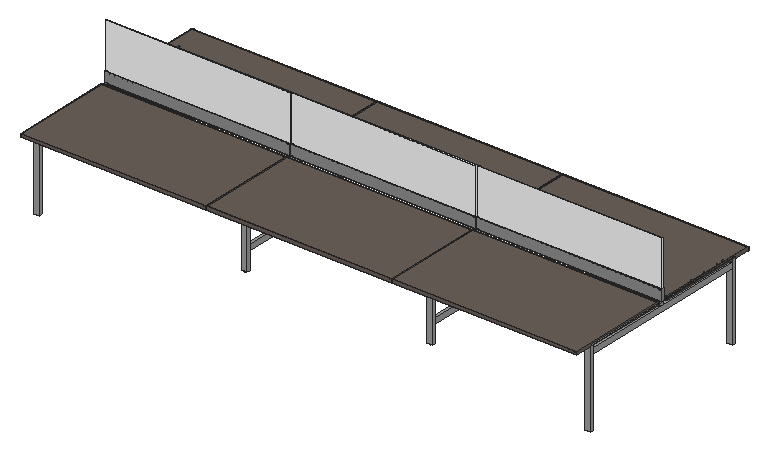
Revit family "QSSTAKSB01", category Furniture, Revit 2015
Reference planes (in)
  plane 1 "Center Front/Back": y = 0
  plane 2: z = 0
  plane 3 "Center Left/Right": x = 0
Dimensions and locks (in)
  aligned and locked: level to plane 2
Nested families (in)
  nested 1: "FIRST OFFICE-STAKS-WORKSURFACE-RECTANGULAR LONG-GRAIN" at (-56.78683, 1.83365, 0), type "FIRST OFFICE-STAKS-WORKSURFACE-RECTANGULAR LG 66 X 36"
  nested 2: "FIRST OFFICE-STAKS-WORKSURFACE-RECTANGULAR LONG-GRAIN" at (9.21317, 1.83365, 0), type "FIRST OFFICE-STAKS-WORKSURFACE-RECTANGULAR LG 66 X 36"
  nested 3: "FIRST OFFICE-STAKS-WORKSURFACE-RECTANGULAR LONG-GRAIN" at (75.21317, 1.83365, 0), type "FIRST OFFICE-STAKS-WORKSURFACE-RECTANGULAR LG 66 X 36"
  nested 4: "FIRST OFFICE-STAKS-BENCHING-SUPPORT-H LEG" at (-31.73185, 4.68715, 0), type "FIRST OFFICE-STAKS-BENGHING-SUPPORT-H LEG 64 X4"
  nested 5: "FIRST OFFICE-STAKS-WORKSURFACE-RECTANGULAR LONG-GRAIN" at (-56.78683, 2.29135, 0), type "FIRST OFFICE-STAKS-WORKSURFACE-RECTANGULAR LG 66 X 36"
  nested 6: "FIRST OFFICE-STAKS-WORKSURFACE-RECTANGULAR LONG-GRAIN" at (9.21317, 2.29135, 0), type "FIRST OFFICE-STAKS-WORKSURFACE-RECTANGULAR LG 66 X 36"
  nested 7: "FIRST OFFICE-STAKS-WORKSURFACE-RECTANGULAR LONG-GRAIN" at (75.21317, 2.29135, 0), type "FIRST OFFICE-STAKS-WORKSURFACE-RECTANGULAR LG 66 X 36"
  nested 8: "FIRST OFFICE-STAKS-BENCHING-SUPPORT-H LEG" at (131.26815, 4.68715, 0) x (-1, 0, 0) z (0, 0, 1), type "FIRST OFFICE-STAKS-BENGHING-SUPPORT-H LEG 64 X4"
  nested 9: "FIRST OFFICE-STAKS-BENCHING-SUPPORT-CENTER-H BASE" at (33.26815, 4.68715, 0), type "FIRST OFFICE-STAKS-BENGHING-SUPPORT-CENTER H BASE 42 X8"
  nested 10: "FIRST OFFICE-STAKS-BENCHING-SUPPORT-CENTER-H BASE" at (99.26815, 4.68715, 0), type "FIRST OFFICE-STAKS-BENGHING-SUPPORT-CENTER H BASE 42 X8"
  nested 11: "OFS_RE_TOOLRAILS" at (0.26815, 4.68715, 0), type "RE_RE-66TRD1_TOOLRAIL"
  nested 12: "OFS_RE_TOOLRAILS" at (66.26815, 4.68715, 0), type "RE_RE-66TRD1_TOOLRAIL"
  nested 13: "OFS_RE_TOOLRAILS" at (132.26815, 4.68715, 0), type "RE_RE-66TRD1_TOOLRAIL"
  nested 14: "OFS_RE_PRIVACY_PANELS_FRSTD_ACRYLC_PVPA" at (-16.23185, 0.43715, 0), type "RE_RE-PVPA-66/18_PRIVACY_PANEL_FRSTD_ACRYLC"
  nested 15: "OFS_RE_PRIVACY_PANELS_FRSTD_ACRYLC_PVPA" at (49.76815, 0.43715, 0), type "RE_RE-PVPA-66/18_PRIVACY_PANEL_FRSTD_ACRYLC"
  nested 16: "OFS_RE_PRIVACY_PANELS_FRSTD_ACRYLC_PVPA" at (115.76815, 0.43715, 0), type "RE_RE-PVPA-66/18_PRIVACY_PANEL_FRSTD_ACRYLC"
Definition of nested family "FIRST OFFICE-STAKS-WORKSURFACE-RECTANGULAR LONG-GRAIN"
  Parameters (values of type "FIRST OFFICE-STAKS-WORKSURFACE-RECTANGULAR LG 15.625 X 22")
    URL = "http://www.firstoffice.com/products/crossover/staks/"
    SURFACE DEPTH = 1' - 10"
    Model = "6-MCT-15.625/22"
    Manufacturer = "FIRST OFFICE-STAKS"
    MANUFACTURERS' CODE = "FOF"
    ENVIRONMENTAL = "http://www.firstoffice.com/products/crossover/staks/"
    Description = "15.625 X 22 RECTANGULAR WORKSURFACE LONG GRAIN"
    SURFACE WIDTH = 1' - 3 5/8"
    CATALOG CODE = "FST"
    Assembly Code = ""
  Types (53): name | SURFACE DEPTH | Model | Description | SURFACE WIDTH
    FIRST OFFICE-STAKS-WORKSURFACE-RECTANGULAR LG 15.625 X 22 | 1' - 10" | "6-MCT-15.625/22" | "15.625 X 22 RECTANGULAR WORKSURFACE LONG GRAIN" | 1' - 3 5/8"
    FIRST OFFICE-STAKS-WORKSURFACE-RECTANGULAR LG 24 X 22 | 1' - 10" | "6-MCT-24/22" | "24 X 22 RECTANGULAR WORKSURFACE LONG GRAIN" | 2' - 0"
    FIRST OFFICE-STAKS-WORKSURFACE-RECTANGULAR LG 30 X 22 | 1' - 10" | "6-MCT-30/22" | "30 X 22 RECTANGULAR WORKSURFACE LONG GRAIN" | 2' - 6"
    FIRST OFFICE-STAKS-WORKSURFACE-RECTANGULAR LG 34 X 22 | 1' - 10" | "6-MCT-34/22" | "34 X 22 RECTANGULAR WORKSURFACE LONG GRAIN" | 2' - 10"
    FIRST OFFICE-STAKS-WORKSURFACE-RECTANGULAR LG 36 X 22 | 1' - 10" | "6-MCT-36/22" | "36 X 22 RECTANGULAR WORKSURFACE LONG GRAIN" | 3' - 0"
    FIRST OFFICE-STAKS-WORKSURFACE-RECTANGULAR LG 42 X 22 | 1' - 10" | "6-MCT-42/22" | "42 X 22 RECTANGULAR WORKSURFACE LONG GRAIN" | 3' - 6"
    FIRST OFFICE-STAKS-WORKSURFACE-RECTANGULAR LG 48 X 22 | 1' - 10" | "6-MCT-48/22" | "48 X 22 RECTANGULAR WORKSURFACE LONG GRAIN" | 4' - 0"
    FIRST OFFICE-STAKS-WORKSURFACE-RECTANGULAR LG 48.5 X 22 | 1' - 10" | "6-MCT-48.5/22" | "48.5 X 22 RECTANGULAR WORKSURFACE LONG GRAIN" | 4' - 0 1/2"
    FIRST OFFICE-STAKS-WORKSURFACE-RECTANGULAR LG 54 X 22 | 1' - 10" | "6-MCT-54/22" | "54 X 22 RECTANGULAR WORKSURFACE LONG GRAIN" | 4' - 6"
    FIRST OFFICE-STAKS-WORKSURFACE-RECTANGULAR LG 55.5 X 22 | 1' - 10" | "6-MCT-55.5/22" | "55.5 X 22 RECTANGULAR WORKSURFACE LONG GRAIN" | 4' - 7 1/2"
    FIRST OFFICE-STAKS-WORKSURFACE-RECTANGULAR LG 59 X 22 | 1' - 10" | "6-MCT-59/22" | "59 X 22 RECTANGULAR WORKSURFACE LONG GRAIN" | 4' - 11"
    FIRST OFFICE-STAKS-WORKSURFACE-RECTANGULAR LG 60 X 22 | 1' - 10" | "6-MCT-60/22" | "60 X 22 RECTANGULAR WORKSURFACE LONG GRAIN" | 5' - 0"
    FIRST OFFICE-STAKS-WORKSURFACE-RECTANGULAR LG 66 X 22 | 1' - 10" | "6-MCT-66/22" | "66 X 22 RECTANGULAR WORKSURFACE LONG GRAIN" | 5' - 6"
    FIRST OFFICE-STAKS-WORKSURFACE-RECTANGULAR LG 69.625 X 22 | 1' - 10" | "6-MCT-69.625/22" | "69.625 X 22 RECTANGULAR WORKSURFACE LONG GRAIN" | 5' - 9 5/8"
    FIRST OFFICE-STAKS-WORKSURFACE-RECTANGULAR LG 70.5 X 22 | 1' - 10" | "6-MCT-70.5/22" | "70.5 X 22 RECTANGULAR WORKSURFACE LONG GRAIN" | 5' - 10 1/2"
    FIRST OFFICE-STAKS-WORKSURFACE-RECTANGULAR LG 72 X 22 | 1' - 10" | "6-MCT-72/22" | "72 X 22 RECTANGULAR WORKSURFACE LONG GRAIN" | 6' - 0"
    FIRST OFFICE-STAKS-WORKSURFACE-RECTANGULAR LG 78 X 22 | 1' - 10" | "6-MCT-78/22" | "78 X 22 RECTANGULAR WORKSURFACE LONG GRAIN" | 6' - 6"
    FIRST OFFICE-STAKS-WORKSURFACE-RECTANGULAR LG 82.5 X 22 | 1' - 10" | "6-MCT-82.5/22" | "82.5 X 22 RECTANGULAR WORKSURFACE LONG GRAIN" | 6' - 10 1/2"
    FIRST OFFICE-STAKS-WORKSURFACE-RECTANGULAR LG 84 X 22 | 1' - 10" | "6-MCT-84/22" | "84 X 22 RECTANGULAR WORKSURFACE LONG GRAIN" | 7' - 0"
    FIRST OFFICE-STAKS-WORKSURFACE-RECTANGULAR LG 87.625 X 22 | 1' - 10" | "6-MCT-87.625/22" | "87.625 X 22 RECTANGULAR WORKSURFACE LONG GRAIN" | 7' - 3 5/8"
    FIRST OFFICE-STAKS-WORKSURFACE-RECTANGULAR LG 90 X 22 | 1' - 10" | "6-MCT-90/22" | "90 X 22 RECTANGULAR WORKSURFACE LONG GRAIN" | 7' - 6"
    FIRST OFFICE-STAKS-WORKSURFACE-RECTANGULAR LG 94 X 22 | 1' - 10" | "6-MCT-94/22" | "94 X 22 RECTANGULAR WORKSURFACE LONG GRAIN" | 7' - 10"
    FIRST OFFICE-STAKS-WORKSURFACE-RECTANGULAR LG 96 X 22 | 1' - 10" | "6-MCT-96/22" | "96 X 22 RECTANGULAR WORKSURFACE LONG GRAIN" | 8' - 0"
    FIRST OFFICE-STAKS-WORKSURFACE-RECTANGULAR LG 24 X 14 | 1' - 2" | "6-MCT-24/14" | "24 X 14 RECTANGULAR WORKSURFACE LONG GRAIN" | 2' - 0"
    FIRST OFFICE-STAKS-WORKSURFACE-RECTANGULAR LG 30 X 14 | 1' - 2" | "6-MCT-30/14" | "30 X 14 RECTANGULAR WORKSURFACE LONG GRAIN" | 2' - 6"
    FIRST OFFICE-STAKS-WORKSURFACE-RECTANGULAR LG 34 X 14 | 1' - 2" | "6-MCT-34/14" | "34 X 14 RECTANGULAR WORKSURFACE LONG GRAIN" | 2' - 10"
    FIRST OFFICE-STAKS-WORKSURFACE-RECTANGULAR LG 36 X 14 | 1' - 2" | "6-MCT-36/14" | "36 X 14 RECTANGULAR WORKSURFACE LONG GRAIN" | 3' - 0"
    FIRST OFFICE-STAKS-WORKSURFACE-RECTANGULAR LG 42 X 14 | 1' - 2" | "6-MCT-42/14" | "42 X 14 RECTANGULAR WORKSURFACE LONG GRAIN" | 3' - 6"
    FIRST OFFICE-STAKS-WORKSURFACE-RECTANGULAR LG 48 X 14 | 1' - 2" | "6-MCT-48/14" | "48 X 14 RECTANGULAR WORKSURFACE LONG GRAIN" | 4' - 0"
    FIRST OFFICE-STAKS-WORKSURFACE-RECTANGULAR LG 48.5 X 14 | 1' - 2" | "6-MCT-48.5/14" | "48.5 X 14 RECTANGULAR WORKSURFACE LONG GRAIN" | 4' - 0 1/2"
    FIRST OFFICE-STAKS-WORKSURFACE-RECTANGULAR LG 54 X 14 | 1' - 2" | "6-MCT-54/14" | "54 X 14 RECTANGULAR WORKSURFACE LONG GRAIN" | 4' - 6"
    FIRST OFFICE-STAKS-WORKSURFACE-RECTANGULAR LG 55.5 X 14 | 1' - 2" | "6-MCT-55.5/14" | "55.5 X 14 RECTANGULAR WORKSURFACE LONG GRAIN" | 4' - 7 1/2"
    FIRST OFFICE-STAKS-WORKSURFACE-RECTANGULAR LG 59 X 14 | 1' - 2" | "6-MCT-59/14" | "59 X 14 RECTANGULAR WORKSURFACE LONG GRAIN" | 4' - 11"
    FIRST OFFICE-STAKS-WORKSURFACE-RECTANGULAR LG 60 X 14 | 1' - 2" | "6-MCT-60/14" | "60 X 14 RECTANGULAR WORKSURFACE LONG GRAIN" | 5' - 0"
    FIRST OFFICE-STAKS-WORKSURFACE-RECTANGULAR LG 66 X 4 | 1' - 2" | "6-MCT-66/14" | "66 X 14 RECTANGULAR WORKSURFACE LONG GRAIN" | 5' - 6"
    FIRST OFFICE-STAKS-WORKSURFACE-RECTANGULAR LG 69.625 X 14 | 1' - 2" | "6-MCT-69.625/14" | "69.625 X 14 RECTANGULAR WORKSURFACE LONG GRAIN" | 5' - 9 5/8"
    FIRST OFFICE-STAKS-WORKSURFACE-RECTANGULAR LG 70.5 X 14 | 1' - 2" | "6-MCT-70.5/14" | "70.5 X 14 RECTANGULAR WORKSURFACE LONG GRAIN" | 5' - 10 1/2"
    FIRST OFFICE-STAKS-WORKSURFACE-RECTANGULAR LG 72 X 14 | 1' - 2" | "6-MCT-72/14" | "72 X 14 RECTANGULAR WORKSURFACE LONG GRAIN" | 6' - 0"
    FIRST OFFICE-STAKS-WORKSURFACE-RECTANGULAR LG 78 X 14 | 1' - 2" | "6-MCT-78/14" | "78 X 14 RECTANGULAR WORKSURFACE LONG GRAIN" | 6' - 6"
    FIRST OFFICE-STAKS-WORKSURFACE-RECTANGULAR LG 80 X 14 | 1' - 2" | "6-MCT-80/14" | "80 X 14 RECTANGULAR WORKSURFACE LONG GRAIN" | 6' - 8"
    FIRST OFFICE-STAKS-WORKSURFACE-RECTANGULAR LG 82.5 X 14 | 1' - 2" | "6-MCT-82.5/14" | "82.5 X 14 RECTANGULAR WORKSURFACE LONG GRAIN" | 6' - 10 1/2"
    FIRST OFFICE-STAKS-WORKSURFACE-RECTANGULAR LG 84 X 14 | 1' - 2" | "6-MCT-84/14" | "84 X 14 RECTANGULAR WORKSURFACE LONG GRAIN" | 7' - 0"
    FIRST OFFICE-STAKS-WORKSURFACE-RECTANGULAR LG 87.625 X 14 | 1' - 2" | "6-MCT-87.625/14" | "87.625 X 14 RECTANGULAR WORKSURFACE LONG GRAIN" | 7' - 3 5/8"
    FIRST OFFICE-STAKS-WORKSURFACE-RECTANGULAR LG 90 X 14 | 1' - 2" | "6-MCT-90/14" | "90 X 14 RECTANGULAR WORKSURFACE LONG GRAIN" | 7' - 6"
    FIRST OFFICE-STAKS-WORKSURFACE-RECTANGULAR LG 94 X 14 | 1' - 2" | "6-MCT-94/14" | "94 X 14 RECTANGULAR WORKSURFACE LONG GRAIN" | 7' - 10"
    FIRST OFFICE-STAKS-WORKSURFACE-RECTANGULAR LG 96 X 14 | 1' - 2" | "6-MCT-96/14" | "96 X 14 RECTANGULAR WORKSURFACE LONG GRAIN" | 8' - 0"
    FIRST OFFICE-STAKS-WORKSURFACE-RECTANGULAR LG 60 X 36 | 3' - 0" | "6-MCT-60/36" | "60 X 36 RECTANGULAR WORKSURFACE LONG GRAIN" | 5' - 0"
    FIRST OFFICE-STAKS-WORKSURFACE-RECTANGULAR LG 66 X 36 | 3' - 0" | "6-MCT-66/36" | "66 X 36 RECTANGULAR WORKSURFACE LONG GRAIN" | 5' - 6"
    FIRST OFFICE-STAKS-WORKSURFACE-RECTANGULAR LG 72 X 36 | 3' - 0" | "6-MCT-72/36" | "72 X 36 RECTANGULAR WORKSURFACE LONG GRAIN" | 6' - 0"
    FIRST OFFICE-STAKS-WORKSURFACE-RECTANGULAR LG 54 X 30 | 2' - 6" | "6-MCT-54/30" | "54 X 30 RECTANGULAR WORKSURFACE LONG GRAIN" | 4' - 6"
    FIRST OFFICE-STAKS-WORKSURFACE-RECTANGULAR LG 60 X 30 | 2' - 6" | "6-MCT-60/30" | "60 X 30 RECTANGULAR WORKSURFACE LONG GRAIN" | 5' - 0"
    FIRST OFFICE-STAKS-WORKSURFACE-RECTANGULAR LG 66 X 30 | 2' - 6" | "6-MCT-66/30" | "66 X 30 RECTANGULAR WORKSURFACE LONG GRAIN" | 5' - 6"
    FIRST OFFICE-STAKS-WORKSURFACE-RECTANGULAR LG 72 X 30 | 2' - 6" | "6-MCT-72/30" | "72 X 30 RECTANGULAR WORKSURFACE LONG GRAIN" | 6' - 0"
  Reference planes (in)
    plane 1: z = -0.125
    plane 2 "LEFT": x = 7.55498
    plane 3 "RIGHT": x = 23.17998
    plane 4 "BACK": y = -1.83365
    plane 5 "FRONT": y = -23.83365
    plane 6: x = 7.67998
    plane 7: x = 23.05498
    plane 8: y = -1.95865
    plane 9: y = -23.70865
    plane 10: z = 27.25
    plane 11 "SURFACE TOP": z = 28.375
  Forms (in)
    Extrusion 1, solid
      sketch origin (0, 0, 16.625) x (-1, 0, 0) y (0, -1, 0)
        loop
          line (-7.55498, 23.83365) -> (-7.67998, 23.70865) -> (-7.67998, 1.95865) -> (-7.55498, 1.83365) -> (-7.55498, 23.83365)
      from 11.75 to 10.625
    Extrusion 2, solid
      sketch origin (0, 0, 16.625) x (-1, 0, 0) y (0, -1, 0)
        loop
          line (-7.67998, 23.70865) -> (-7.55498, 23.83365) -> (-23.17998, 23.83365) -> (-23.05498, 23.70865) -> (-7.67998, 23.70865)
      from 11.75 to 10.625
    Extrusion 3, solid
      sketch origin (0, 0, 16.625) x (-1, 0, 0) y (0, -1, 0)
        loop
          line (-23.05498, 23.70865) -> (-23.17998, 23.83365) -> (-23.17998, 1.83365) -> (-23.05498, 1.95865) -> (-23.05498, 23.70865)
      from 11.75 to 10.625
    Extrusion 4, solid
      sketch origin (0, 0, 16.625) x (-1, 0, 0) y (0, -1, 0)
        loop
          line (-23.05498, 1.95865) -> (-23.17998, 1.83365) -> (-7.55498, 1.83365) -> (-7.67998, 1.95865) -> (-23.05498, 1.95865)
      from 11.75 to 10.625
    Extrusion 5, solid
      sketch origin (0, 0, 16.625) x (-1, 0, 0) y (0, -1, 0)
        loop
          line (-7.67998, 1.95865) -> (-7.67998, 23.70865) -> (-23.05498, 23.70865) -> (-23.05498, 1.95865) -> (-7.67998, 1.95865)
      from 11.75 to 10.625
  Lines and regions (in)
    Masking region 1
      outline origin (0, 0, 16.625) x (-1, 0, 0) y (0, -1, 0)
        loop
          line (-7.67998, 1.95865) -> (-7.55498, 1.83365) -> (-7.55498, 23.83365) -> (-7.67998, 23.70865) -> (-7.67998, 1.95865)
    Masking region 2
      outline origin (0, 0, 16.625) x (-1, 0, 0) y (0, -1, 0)
        loop
          line (-7.55498, 1.83365) -> (-7.67998, 1.95865) -> (-23.05498, 1.95865) -> (-23.17998, 1.83365) -> (-7.55498, 1.83365)
    Masking region 3
      outline origin (0, 0, 16.625) x (-1, 0, 0) y (0, -1, 0)
        loop
          line (-23.17998, 1.83365) -> (-23.05498, 1.95865) -> (-23.05498, 23.70865) -> (-23.17998, 23.83365) -> (-23.17998, 1.83365)
    Masking region 4
      outline origin (0, 0, 16.625) x (-1, 0, 0) y (0, -1, 0)
        loop
          line (-23.17998, 23.83365) -> (-23.05498, 23.70865) -> (-7.67998, 23.70865) -> (-7.55498, 23.83365) -> (-23.17998, 23.83365)
    Masking region 5
      outline origin (0, 0, 16.625) x (-1, 0, 0) y (0, -1, 0)
        loop
          line (-23.05498, 23.70865) -> (-23.05498, 1.95865) -> (-7.67998, 1.95865) -> (-7.67998, 23.70865) -> (-23.05498, 23.70865)
  Dimensions and locks (in)
    "SURFACE DEPTH": plane 4 "BACK" to plane 5 "FRONT"
    "SURFACE WIDTH": plane 2 "LEFT" to plane 3 "RIGHT"
    locked: plane 11 "SURFACE TOP" to plane 10 at 1.125
    locked: plane 4 "BACK" to plane 8 at 0.125
    locked: plane 2 "LEFT" to plane 6 at 0.125
    locked: plane 7 to plane 3 "RIGHT" at 0.125
    locked: plane 9 to plane 5 "FRONT" at 0.125
    aligned: level to plane 1
    aligned and locked: plane 11 "SURFACE TOP" to Extrusion 1
    aligned and locked: Extrusion 1 to plane 10
    aligned and locked: plane 9 to Extrusion 1
    aligned and locked: Extrusion 1 to plane 5 "FRONT"
    aligned and locked: Extrusion 1 to plane 8
    aligned and locked: Extrusion 1 to plane 4 "BACK"
    aligned and locked: Extrusion 1 to plane 2 "LEFT"
    aligned and locked: plane 6 to Extrusion 1
    aligned and locked: plane 9 to Extrusion 2
    aligned and locked: Extrusion 2 to plane 5 "FRONT"
    aligned and locked: Extrusion 2 to Extrusion 1
    aligned and locked: plane 11 "SURFACE TOP" to Extrusion 2
    aligned and locked: Extrusion 2 to plane 10
    aligned and locked: plane 7 to Extrusion 2
    aligned and locked: plane 3 "RIGHT" to Extrusion 2
    aligned and locked: plane 6 to Extrusion 2
    aligned and locked: Extrusion 2 to plane 2 "LEFT"
    aligned and locked: Extrusion 3 to plane 5 "FRONT"
    aligned and locked: plane 9 to Extrusion 3
    aligned and locked: plane 8 to Extrusion 3
    aligned and locked: plane 4 "BACK" to Extrusion 3
    aligned and locked: plane 11 "SURFACE TOP" to Extrusion 3
    aligned and locked: Extrusion 3 to plane 10
    aligned and locked: Extrusion 2 to Extrusion 3
    aligned and locked: plane 3 "RIGHT" to Extrusion 3
    aligned and locked: Extrusion 3 to plane 7
    aligned and locked: plane 3 "RIGHT" to Extrusion 4
    aligned and locked: Extrusion 4 to plane 7
    aligned and locked: Extrusion 4 to plane 6
    aligned and locked: Extrusion 4 to plane 2 "LEFT"
    aligned and locked: plane 11 "SURFACE TOP" to Extrusion 4
    aligned and locked: Extrusion 4 to plane 10
    aligned and locked: Extrusion 4 to plane 8
    aligned and locked: plane 4 "BACK" to Extrusion 4
    aligned and locked: Extrusion 3 to Extrusion 4
    aligned and locked: Extrusion 1 to Extrusion 4
    aligned and locked: plane 8 to Extrusion 5 sketch curve
    aligned and locked: Extrusion 5 sketch curve to plane 6
    aligned and locked: Extrusion 5 sketch curve to plane 9
    aligned and locked: plane 7 to Extrusion 5 sketch curve
    aligned and locked: plane 11 "SURFACE TOP" to Extrusion 5
    aligned and locked: Extrusion 5 to plane 10
  Automatic sketch dimensions
    Extrusion 1 sketch curve to plane 6 = 0' - 0"
    Extrusion 1 sketch curve to plane 2 "LEFT" = 0' - 0"
    Extrusion 1 sketch curve to plane 4 "BACK" = 0' - 0"
    Extrusion 1 sketch curve to plane 8 = 0' - 0"
    Extrusion 1 sketch curve to plane 9 = 0' - 0"
    Extrusion 1 sketch curve to plane 5 "FRONT" = 0' - 0"
    Extrusion 2 sketch curve to plane 3 "RIGHT" = 0' - 0"
    Extrusion 2 sketch curve to plane 7 = 0' - 0"
    Extrusion 2 sketch curve to plane 6 = 0' - 0"
    Extrusion 2 sketch curve to plane 2 "LEFT" = 0' - 0"
    Extrusion 2 sketch curve to plane 9 = 0' - 0"
    Extrusion 2 sketch curve to plane 5 "FRONT" = 0' - 0"
    Extrusion 3 sketch curve to plane 3 "RIGHT" = 0' - 0"
    Extrusion 3 sketch curve to plane 7 = 0' - 0"
    Extrusion 3 sketch curve to plane 4 "BACK" = 0' - 0"
    Extrusion 3 sketch curve to plane 8 = 0' - 0"
    Extrusion 3 sketch curve to plane 9 = 0' - 0"
    Extrusion 3 sketch curve to plane 5 "FRONT" = 0' - 0"
    Extrusion 4 sketch curve to plane 3 "RIGHT" = 0' - 0"
    Extrusion 4 sketch curve to plane 7 = 0' - 0"
    Extrusion 4 sketch curve to plane 6 = 0' - 0"
    Extrusion 4 sketch curve to plane 2 "LEFT" = 0' - 0"
    Extrusion 4 sketch curve to plane 4 "BACK" = 0' - 0"
    Extrusion 4 sketch curve to plane 8 = 0' - 0"
    Masking region 1 sketch curve to plane 6 = 0' - 0"
    Masking region 1 sketch curve to plane 2 "LEFT" = 0' - 0"
    Masking region 1 sketch curve to plane 4 "BACK" = 0' - 0"
    Masking region 1 sketch curve to plane 8 = 0' - 0"
    Masking region 1 sketch curve to plane 9 = 0' - 0"
    Masking region 1 sketch curve to plane 5 "FRONT" = 0' - 0"
    Masking region 2 sketch curve to plane 3 "RIGHT" = 0' - 0"
    Masking region 2 sketch curve to plane 7 = 0' - 0"
    Masking region 2 sketch curve to plane 6 = 0' - 0"
    Masking region 2 sketch curve to plane 2 "LEFT" = 0' - 0"
    Masking region 2 sketch curve to plane 4 "BACK" = 0' - 0"
    Masking region 2 sketch curve to plane 8 = 0' - 0"
    Masking region 3 sketch curve to plane 3 "RIGHT" = 0' - 0"
    Masking region 3 sketch curve to plane 7 = 0' - 0"
    Masking region 3 sketch curve to plane 4 "BACK" = 0' - 0"
    Masking region 3 sketch curve to plane 8 = 0' - 0"
    Masking region 3 sketch curve to plane 9 = 0' - 0"
    Masking region 3 sketch curve to plane 5 "FRONT" = 0' - 0"
    Masking region 4 sketch curve to plane 3 "RIGHT" = 0' - 0"
    Masking region 4 sketch curve to plane 7 = 0' - 0"
    Masking region 4 sketch curve to plane 6 = 0' - 0"
    Masking region 4 sketch curve to plane 2 "LEFT" = 0' - 0"
    Masking region 4 sketch curve to plane 9 = 0' - 0"
    Masking region 4 sketch curve to plane 5 "FRONT" = 0' - 0"
    Masking region 5 sketch curve to plane 7 = 0' - 0"
    Masking region 5 sketch curve to plane 6 = 0' - 0"
    Masking region 5 sketch curve to plane 8 = 0' - 0"
    Masking region 5 sketch curve to plane 9 = 0' - 0"
Definition of nested family "FIRST OFFICE-STAKS-BENCHING-SUPPORT-H LEG"
  Parameters (values of type "FIRST OFFICE-STAKS-BENGHING-SUPPORT-H LEG 48 X4")
    URL = "http://www.firstoffice.com/products/crossover/staks_benching/"
    H LEG WIDTH = 4' - 0 1/8"
    Model = "6-48HBA2"
    Manufacturer = "FIRST OFFICE-STAKS"
    MANUFACTURERS' CODE = "FOF"
    ENVIRONMENTAL = "http://www.firstoffice.com/company/environment/"
    Description = "48 X 4 H-LEG SUPPORT"
    CATALOG CODE = "FST"
    Assembly Code = ""
  Types (2): name | H LEG WIDTH | Model | Description
    FIRST OFFICE-STAKS-BENGHING-SUPPORT-H LEG 48 X4 | 4' - 0 1/8" | "6-48HBA2" | "48 X 4 H-LEG SUPPORT"
    FIRST OFFICE-STAKS-BENGHING-SUPPORT-H LEG 64 X4 | 5' - 4 1/8" | "6-64HBA2" | "64 X 4 H-LEG SUPPORT"
  Reference planes (in)
    plane 1: z = 0
    plane 2 "Center (Front/Back)": y = -2.62465
    plane 3 "Center (Left/Right)": x = -17.5
    plane 4 "H LEG TOP": z = 27.875
    plane 5: x = -15.5
    plane 6: x = -13.5
    plane 7: y = -26.68715
    plane 8: y = 21.43785
    plane 9: z = 27.681
    plane 10: y = 20.43785
    plane 11: y = -25.68715
    plane 12: z = 26.306
    plane 13: z = 24.306
    plane 14 "CENTER": x = -16.5
    plane 15: z = 25.556
    plane 16: z = 0.25
    plane 17: y = -26.18715
    plane 18: y = 20.93785
    plane 19: y = -24.62415
    plane 20: y = 19.37485
  Forms (in)
    Extrusion 1, solid
      sketch origin (0, 0, 27.875) x (0, -1, 0) y (1, 0, 0)
        loop
          line (-21.43785, -15.5) -> (-21.43785, -17.5) -> (26.68715, -17.5) -> (26.68715, -15.5) -> (25.53265, -13.5) -> (-20.28335, -13.5) -> (-21.43785, -15.5)
      from -0.194 to 0
    Extrusion 2, solid
      sketch origin (0, 0, 27.875) x (0, -1, 0) y (1, 0, 0)
        loop
          line (-20.43785, -15.5) -> (-21.43785, -15.5) -> (-21.43785, -17.5) -> (-20.43785, -17.5) -> (-20.43785, -15.5)
      from -27.625 to -0.194
    Extrusion 3, solid
      sketch origin (0, 0, 27.875) x (0, -1, 0) y (1, 0, 0)
        loop
          line (25.68715, -17.5) -> (26.68715, -17.5) -> (26.68715, -15.5) -> (25.68715, -15.5) -> (25.68715, -17.5)
      from -27.625 to -0.194
    Extrusion 4, solid
      sketch origin (0.186, -1.24965, 0.5) x (1, 0, 0) y (0, 0, 1)
        loop
          line (-16.5, 25.806) -> (-17.5, 25.806) -> (-17.5, 23.806) -> (-16.5, 23.806) -> (-16.5, 25.806)
      from -21.6875 to 24.4375
    Revolve 5, solid
      sketch origin (-16.5, 0, 0) x (0, 1, 0) y (0, 0, 1)
        loop
          line (-26.18715, 0.25) -> (-26.43715, 0.25)
          arc (-26.43715, 0.25) -> (-26.56215, 0.125) -> (-26.43715, 0) r 0.125
          line (-26.43715, 0) -> (-26.18715, 0) -> (-26.18715, 0.25)
        axis (-26.18715, 0.25) -> (-26.18715, 0)
      angle from 0 to 360
    Revolve 6, solid
      sketch origin (-16.5, -5.2493, 0) x (0, -1, 0) y (0, 0, 1)
        loop
          line (-26.18715, 0.25) -> (-26.43715, 0.25)
          arc (-26.43715, 0.25) -> (-26.56215, 0.125) -> (-26.43715, 0) r 0.125
          line (-26.43715, 0) -> (-26.18715, 0) -> (-26.18715, 0.25)
        axis (-26.18715, 0.25) -> (-26.18715, 0)
      angle from 0 to 360
    Extrusion 7, solid
      sketch origin (0, 0, 27.875) x (0, -1, 0) y (1, 0, 0)
        loop
          line (3.21465, -16.6565) -> (2.03465, -16.6565) -> (2.03465, -16.9715) -> (3.21465, -16.9715) -> (3.21465, -16.6565)
      from -1.569 to -0.194
    Extrusion 8, solid
      sketch origin (0, -2.62465, 0) x (1, 0, 0) y (0, 0, 1)
        loop
          line (-15.5, 27.601) -> (-15.21046, 26.95067)
          arc (-15.21046, 26.95067) -> (-15.12453, 26.89491) -> (-15.03867, 26.95076) r 0.094
          line (-15.03867, 26.95076) -> (-14.75, 27.601) -> (-14.125, 27.601) -> (-14.125, 27.681) -> (-14.80201, 27.681) -> (-15.12453, 26.95451) -> (-15.44799, 27.681) -> (-16.125, 27.681) -> (-16.125, 27.601) -> (-15.5, 27.601)
      from -21.9995 to 21.9995
  Lines and regions (in)
    Masking region 1
      outline origin (0, 0, 27.875) x (0, -1, 0) y (1, 0, 0)
        loop
          line (26.68715, -15.5) -> (25.53265, -13.5) -> (-20.28335, -13.5) -> (-21.43785, -15.5) -> (-21.43785, -17.5) -> (26.68715, -17.5) -> (26.68715, -15.5)
    Masking region 2
      outline origin (0, 0, 27.875) x (0, -1, 0) y (1, 0, 0)
        loop
          line (-20.43785, -15.5) -> (-21.43785, -15.5) -> (-21.43785, -17.5) -> (-20.43785, -17.5) -> (-20.43785, -15.5)
    Masking region 3
      outline origin (0, 0, 27.875) x (0, -1, 0) y (1, 0, 0)
        loop
          line (26.68715, -15.5) -> (25.68715, -15.5) -> (25.68715, -17.5) -> (26.68715, -17.5) -> (26.68715, -15.5)
  Dimensions and locks (in)
    plane 3 "Center (Left/Right)" to plane 5 to plane 6 = 0' - 2" locked, 0' - 2" locked
    equal spacing: plane 7, plane 2 "Center (Front/Back)", plane 8
    "H LEG WIDTH": plane 7 to plane 8
    locked: plane 4 "H LEG TOP" to plane 9 at 0.194
    locked: plane 9 to plane 12 at 1.375
    locked: plane 12 to plane 13 at 2
    locked: plane 9 to plane 15 at 2.125
    locked: plane 4 "H LEG TOP" to plane 1 at 27.875
    locked: plane 16 to plane 1 at 0.25
    plane 7 to plane 17 to plane 11 to plane 19 = 0' - 0 1/2" locked, 0' - 0 1/2" locked, 0' - 1.063" locked
    plane 20 to plane 10 to plane 18 to plane 8 = 0' - 1.063" locked, 0' - 0 1/2" locked, 0' - 0 1/2" locked
    aligned and locked: level to plane 1
    aligned and locked: plane 9 to Extrusion 1
    aligned and locked: Extrusion 1 to plane 4 "H LEG TOP"
    aligned and locked: Extrusion 1 to plane 8
    aligned and locked: plane 7 to Extrusion 1
    aligned and locked: Extrusion 1 sketch curve to plane 3 "Center (Left/Right)"
    aligned and locked: Extrusion 1 sketch curve to plane 8
    aligned and locked: Extrusion 1 sketch curve to plane 6
    aligned and locked: plane 7 to Extrusion 1 sketch curve
    aligned: Extrusion 3 to plane 1
    aligned and locked: Extrusion 3 to plane 9
    aligned and locked: Extrusion 2 to plane 9
    aligned: Extrusion 2 to plane 1
    aligned and locked: Extrusion 2 sketch curve to plane 8
    aligned and locked: plane 5 to Extrusion 2 sketch curve
    aligned and locked: Extrusion 2 sketch curve to plane 3 "Center (Left/Right)"
    aligned and locked: plane 10 to Extrusion 2 sketch curve
    aligned and locked: plane 7 to Extrusion 3 sketch curve
    aligned and locked: plane 5 to Extrusion 3 sketch curve
    aligned and locked: Extrusion 3 sketch curve to plane 11
    aligned and locked: Extrusion 3 sketch curve to plane 3 "Center (Left/Right)"
    aligned and locked: Extrusion 4 sketch curve to plane 12
    aligned and locked: plane 13 to Extrusion 4 sketch curve
    aligned: Extrusion 4 sketch curve to plane 3 "Center (Left/Right)"
    aligned: plane 14 "CENTER" to Extrusion 4 sketch curve
    aligned and locked: Extrusion 4 to plane 10
    aligned and locked: plane 11 to Extrusion 4
    aligned and locked: plane 16 to Extrusion 2
    aligned and locked: plane 16 to Extrusion 3
    aligned and locked: Revolve 5 sketch curve to plane 17
    aligned and locked: Revolve 5 sketch curve to plane 16
    aligned and locked: Extrusion 7 to plane 9
    aligned and locked: plane 12 to Extrusion 7
    aligned and locked: Extrusion 8 to plane 20
    aligned and locked: plane 19 to Extrusion 8
  Automatic sketch dimensions
    plane 3 "Center (Left/Right)" to Extrusion 4 sketch curve = 0' - 0.186"
    plane 14 "CENTER" to Extrusion 4 sketch curve = 0' - 0.186"
    Extrusion 7 sketch curve to plane 2 "Center (Front/Back)" = 0' - 0.59"
    Extrusion 7 sketch curve to plane 14 "CENTER" = 0' - 0.1565"
    plane 2 "Center (Front/Back)" to Extrusion 7 sketch curve = 0' - 0.59"
    Extrusion 7 sketch curve to Extrusion 7 sketch curve = 0' - 0.315"
    Masking region 2 sketch curve to plane 5 = 0' - 0"
    plane 8 to Masking region 2 sketch curve = 0' - 0"
    Masking region 2 sketch curve to plane 3 "Center (Left/Right)" = 0' - 0"
    plane 10 to Masking region 2 sketch curve = 0' - 0"
    Masking region 3 sketch curve to plane 5 = 0' - 0"
    plane 11 to Masking region 3 sketch curve = 0' - 0"
    Masking region 3 sketch curve to plane 3 "Center (Left/Right)" = 0' - 0"
    plane 7 to Masking region 3 sketch curve = 0' - 0"
    Revolve 5 sketch curve to level = 0' - 0"  (x2)
    plane 16 to Revolve 5 sketch curve = 0' - 0"
    Revolve 5 sketch curve to plane 17 = 0' - 0"
    Revolve 5 sketch curve to plane 7 = 0' - 0 1/4"
    plane 16 to Revolve 6 sketch curve = 0' - 0"  (x2)
    Revolve 6 sketch curve to level = 0' - 0"  (x2)
    Revolve 6 sketch curve to plane 18 = 0' - 0"  (x2)
    Revolve 6 sketch curve to plane 8 = 0' - 0 1/4"
    Extrusion 8 sketch curve to plane 9 = 0' - 0"  (x2)
    Extrusion 8 sketch curve to plane 5 = 0' - 0"
    plane 14 "CENTER" to Extrusion 8 sketch curve = 0' - 0 3/8"
    plane 5 to Extrusion 8 sketch curve = 0' - 0.05201"
    plane 5 to Extrusion 8 sketch curve = 0' - 0.28954"
    Extrusion 8 sketch curve to Extrusion 8 sketch curve = 0' - 0.08587"  (x2)
    Extrusion 8 sketch curve to Extrusion 8 sketch curve = 0' - 0.00005"
    Extrusion 8 sketch curve to Extrusion 8 sketch curve = 0' - 0.64597"
    Extrusion 8 sketch curve to Extrusion 8 sketch curve = 0' - 0.05201"
    plane 9 to Extrusion 8 sketch curve = 0' - 0.08"
    Extrusion 8 sketch curve to Extrusion 8 sketch curve = 0' - 0 5/8"
    Extrusion 8 sketch curve to Extrusion 8 sketch curve = 0' - 0.08"
    Extrusion 8 sketch curve to plane 12 = 0' - 0.68291"
    Extrusion 8 sketch curve to Extrusion 8 sketch curve = 0' - 0.03439"
    Extrusion 8 sketch curve to Extrusion 8 sketch curve = 0' - 0.00375"
    Extrusion 1 sketch curve to plane 5 = 0' - 0"  (x2)
    plane 10 to Extrusion 1 sketch curve = 0' - 0.1545"
    Extrusion 1 sketch curve to plane 11 = 0' - 0.1545"
    Masking region 1 sketch curve to plane 5 = 0' - 0"  (x2)
    plane 8 to Masking region 1 sketch curve = 0' - 0"
    Masking region 1 sketch curve to plane 6 = 0' - 0"
    plane 7 to Masking region 1 sketch curve = 0' - 0"
    Masking region 1 sketch curve to plane 3 "Center (Left/Right)" = 0' - 0"
    plane 10 to Masking region 1 sketch curve = 0' - 0.1545"
    Masking region 1 sketch curve to plane 11 = 0' - 0.1545"
Definition of nested family "FIRST OFFICE-STAKS-BENCHING-SUPPORT-CENTER-H BASE"
  Parameters (values of type "FIRST OFFICE-STAKS-BENGHING-SUPPORT-CENTER H BASE 30 X8")
    URL = "http://www.firstoffice.com/products/crossover/staks_benching/"
    H BASE WIDTH = 2' - 6"
    Model = "6-30CHBA1"
    Manufacturer = "FIRST OFFICE-STAKS"
    MANUFACTURERS' CODE = "FOF"
    ENVIRONMENTAL = "http://www.firstoffice.com/company/environment/"
    Description = "30 X 8 CENTER H-BASE"
    CATALOG CODE = "FST"
    Assembly Code = ""
  Types (2): name | H BASE WIDTH | Model | Description
    FIRST OFFICE-STAKS-BENGHING-SUPPORT-CENTER H BASE 30 X8 | 2' - 6" | "6-30CHBA1" | "30 X 8 CENTER H-BASE"
    FIRST OFFICE-STAKS-BENGHING-SUPPORT-CENTER H BASE 42 X8 | 3' - 6" | "6-42CHBA1" | "42 X 8 CENTER H-BASE"
  Reference planes (in)
    plane 1: z = 0
    plane 2 "Center (Front/Back)": y = -2.62465
    plane 3 "LEFT": x = -17.5
    plane 4 "H LEG TOP": z = 27.875
    plane 5 "RIGHT": x = -15.5
    plane 6: x = -12.5
    plane 7: y = -22.62465
    plane 8: y = 17.37535
    plane 9: z = 27.625
    plane 10: y = 11.37535
    plane 11: y = -16.62465
    plane 12: z = 8
    plane 13: z = 6
    plane 14 "CENTER": x = -16.5
    plane 15: z = 0.25
    plane 16: x = -20.5
    plane 17: y = -17.62465
    plane 18: y = 12.37535
    plane 19: y = -16.99965
    plane 20: y = -17.24965
    plane 21: y = 12.00035
    plane 22: y = 11.75035
  Forms (in)
    Extrusion 1, solid
      sketch origin (0, -5, 27.875) x (0, -1, 0) y (1, 0, 0)
        loop
          line (-16.37535, -15.5) -> (-17.37535, -15.5) -> (-17.37535, -17.5) -> (-16.37535, -17.5) -> (-16.37535, -15.5)
      from -27.625 to -0.25
    Extrusion 2, solid
      sketch origin (0, 5, 27.875) x (0, -1, 0) y (1, 0, 0)
        loop
          line (21.62465, -17.5) -> (22.62465, -17.5) -> (22.62465, -15.5) -> (21.62465, -15.5) -> (21.62465, -17.5)
      from -27.625 to -0.25
    Extrusion 3, solid
      sketch origin (0.5, -1.24965, -17.806) x (1, 0, 0) y (0, 0, 1)
        loop
          line (-16.5, 25.806) -> (-17.5, 25.806) -> (-17.5, 23.806) -> (-16.5, 23.806) -> (-16.5, 25.806)
      from -12.625 to 15.375
    Revolve 4, solid
      sketch origin (-16.5, 5, 0) x (0, 1, 0) y (0, 0, 1)
        loop
          line (-22.12465, 0.25) -> (-22.37465, 0.25)
          arc (-22.37465, 0.25) -> (-22.49965, 0.125) -> (-22.37465, 0) r 0.125
          line (-22.37465, 0) -> (-22.12465, 0) -> (-22.12465, 0.25)
        axis (-22.12465, 0.25) -> (-22.12465, 0)
      angle from 0 to 360
    Revolve 5, solid
      sketch origin (-16.5, -10.2493, 0) x (0, -1, 0) y (0, 0, 1)
        loop
          line (-22.12465, 0.25) -> (-22.37465, 0.25)
          arc (-22.37465, 0.25) -> (-22.49965, 0.125) -> (-22.37465, 0) r 0.125
          line (-22.37465, 0) -> (-22.12465, 0) -> (-22.12465, 0.25)
        axis (-22.12465, 0.25) -> (-22.12465, 0)
      angle from 0 to 360
    Extrusion 6, solid
      sketch origin (0, 0, 27.875) x (0, -1, 0) y (1, 0, 0)
        loop
          line (-17.37535, -12.5) -> (-17.37535, -20.5) -> (22.62465, -20.5) -> (22.62465, -12.5) -> (-17.37535, -12.5)
      from -0.25 to 0
    Extrusion 7, solid
      sketch origin (0, -2.62465, 0) x (1, 0, 0) y (0, 0, 1)
        loop
          line (-20.5, 27.625) -> (-17.5, 23.375) -> (-17.5, 27.625) -> (-20.5, 27.625)
        loop
          line (-12.5, 27.625) -> (-15.5, 27.625) -> (-15.5, 23.375) -> (-12.5, 27.625)
      from 14.375 to 14.625
    Extrusion 8, solid
      sketch origin (0, 27.12535, 0) x (1, 0, 0) y (0, 0, 1)
        loop
          line (-20.5, 27.625) -> (-17.5, 23.375) -> (-17.5, 27.625) -> (-20.5, 27.625)
        loop
          line (-12.5, 27.625) -> (-15.5, 27.625) -> (-15.5, 23.375) -> (-12.5, 27.625)
      from 15.125 to 15.375
  Lines and regions (in)
    Masking region 1
      outline origin (0, 0, 0) x (1, 0, 0) y (0, 1, 0)
        loop
          line (-12.5, 17.37535) -> (-20.5, 17.37535) -> (-20.5, -22.62465) -> (-12.5, -22.62465) -> (-12.5, 17.37535)
  Dimensions and locks (in)
    equal spacing: plane 7, plane 2 "Center (Front/Back)", plane 8
    locked: plane 12 to plane 13 at 2
    locked: plane 4 "H LEG TOP" to plane 1 at 27.875
    locked: plane 15 to plane 1 at 0.25
    locked: plane 4 "H LEG TOP" to plane 9 at 0.25
    plane 7 to plane 17 to plane 11 = 0' - 5" locked, 0' - 1" locked
    plane 10 to plane 18 to plane 8 = 0' - 1" locked, 0' - 5" locked
    plane 16 to plane 3 "LEFT" to plane 14 "CENTER" to plane 5 "RIGHT" to plane 6 = 0' - 3" locked, 0' - 1" locked, 0' - 1" locked, 0' - 3" locked
    plane 17 to plane 20 to plane 19 to plane 11 = 0' - 0 3/8", 0' - 0 1/4", 0' - 0 3/8"
    plane 10 to plane 22 to plane 21 to plane 18 = 0' - 0 3/8", 0' - 0 1/4", 0' - 0 3/8"
    "H BASE WIDTH": plane 17 to plane 18
    aligned and locked: level to plane 1
    aligned: Extrusion 2 to plane 1
    aligned and locked: Extrusion 2 to plane 9
    aligned and locked: Extrusion 1 to plane 9
    aligned: Extrusion 1 to plane 1
    aligned and locked: plane 5 "RIGHT" to Extrusion 1 sketch curve
    aligned and locked: Extrusion 1 sketch curve to plane 3 "LEFT"
    aligned and locked: plane 10 to Extrusion 1 sketch curve
    aligned: plane 7 to Extrusion 2 sketch curve
    aligned and locked: plane 5 "RIGHT" to Extrusion 2 sketch curve
    aligned and locked: Extrusion 2 sketch curve to plane 11
    aligned and locked: Extrusion 2 sketch curve to plane 3 "LEFT"
    aligned and locked: Extrusion 3 sketch curve to plane 12
    aligned and locked: plane 13 to Extrusion 3 sketch curve
    aligned: Extrusion 3 sketch curve to plane 3 "LEFT"
    aligned: plane 14 "CENTER" to Extrusion 3 sketch curve
    aligned and locked: Extrusion 3 to plane 10
    aligned and locked: plane 11 to Extrusion 3
    aligned and locked: plane 15 to Extrusion 1
    aligned and locked: plane 15 to Extrusion 2
    aligned and locked: Revolve 4 sketch curve to plane 15
    aligned and locked: Extrusion 1 sketch curve to plane 18
    aligned and locked: Extrusion 6 to plane 4 "H LEG TOP"
    aligned and locked: plane 9 to Extrusion 6
    aligned and locked: Extrusion 7 to plane 19
    aligned and locked: plane 20 to Extrusion 7
    aligned and locked: Extrusion 8 to plane 21
    aligned and locked: plane 22 to Extrusion 8
  Automatic sketch dimensions
    plane 17 to Extrusion 2 sketch curve = 0' - 0"
    plane 3 "LEFT" to Extrusion 3 sketch curve = 0' - 0 1/2"
    Extrusion 3 sketch curve to plane 5 "RIGHT" = 0' - 0 1/2"
    Revolve 4 sketch curve to level = 0' - 0"  (x2)
    plane 15 to Revolve 4 sketch curve = 0' - 0"
    plane 20 to Revolve 4 sketch curve = 0' - 0 1/8"
    plane 19 to Revolve 4 sketch curve = 0' - 0 1/8"
    Revolve 4 sketch curve to Revolve 4 sketch curve = 0' - 0"
    plane 15 to Revolve 5 sketch curve = 0' - 0"  (x2)
    Revolve 5 sketch curve to level = 0' - 0"  (x2)
    plane 21 to Revolve 5 sketch curve = 0' - 0 1/8"
    Revolve 5 sketch curve to plane 21 = 0' - 0 1/8"
    Revolve 5 sketch curve to Revolve 5 sketch curve = 0' - 0"
    plane 8 to Extrusion 6 sketch curve = 0' - 0"
    Extrusion 6 sketch curve to plane 6 = 0' - 0"
    plane 7 to Extrusion 6 sketch curve = 0' - 0"
    Extrusion 6 sketch curve to plane 16 = 0' - 0"
    Extrusion 7 sketch curve to plane 9 = 0' - 0"  (x2)
    plane 16 to Extrusion 7 sketch curve = 0' - 0"
    Extrusion 7 sketch curve to plane 3 "LEFT" = 0' - 0"
    Extrusion 7 sketch curve to plane 5 "RIGHT" = 0' - 0"
    Extrusion 7 sketch curve to plane 6 = 0' - 0"
    plane 9 to Extrusion 7 sketch curve = 0' - 4 1/4"
    Extrusion 7 sketch curve to Extrusion 7 sketch curve = 0' - 0"
    Extrusion 8 sketch curve to plane 9 = 0' - 0"  (x2)
    plane 16 to Extrusion 8 sketch curve = 0' - 0"
    Extrusion 8 sketch curve to plane 3 "LEFT" = 0' - 0"
    Extrusion 8 sketch curve to plane 5 "RIGHT" = 0' - 0"
    Extrusion 8 sketch curve to plane 6 = 0' - 0"
    plane 9 to Extrusion 8 sketch curve = 0' - 4 1/4"
    Extrusion 8 sketch curve to Extrusion 8 sketch curve = 0' - 0"
    Masking region 1 sketch curve to plane 16 = 0' - 0"
    Masking region 1 sketch curve to plane 6 = 0' - 0"
    plane 7 to Masking region 1 sketch curve = 0' - 0"
    plane 8 to Masking region 1 sketch curve = 0' - 0"
Definition of nested family "OFS_RE_TOOLRAILS"
  Parameters (values of type "RE_RE-48TRD1_TOOLRAIL")
    URL = "http://www.ofs.com/products/benching/re"
    TOOLRAIL WIDTH = 4' - 0"
    Model = "RE-48TRD1"
    Manufacturer = "OFS-RE"
    MANUFACTURERS' CODE = "OFS"
    ENVIRONMENTAL = "http://www.ofs.com/about/environment"
    Description = "RE TOOLRAIL 48\""
    CATALOG CODE = "OFS"
    Assembly Code = ""
  Types (10): name | TOOLRAIL WIDTH | Model | Description
    RE_RE-42TRD1_TOOLRAIL | 3' - 6" | "RE-42TRD1" | "RE TOOLRAIL 42\""
    RE_RE-48TRD1_TOOLRAIL | 4' - 0" | "RE-48TRD1" | "RE TOOLRAIL 48\""
    RE_RE-54TRD1_TOOLRAIL | 4' - 6" | "RE-54TRD1" | "RE TOOLRAIL 54\""
    RE_RE-60TRD1_TOOLRAIL | 5' - 0" | "RE-60TRD1" | "RE TOOLRAIL 60\""
    RE_RE-66TRD1_TOOLRAIL | 5' - 6" | "RE-66TRD1" | "RE TOOLRAIL 66\""
    RE_RE-72TRD1_TOOLRAIL | 6' - 0" | "RE-72TRD1" | "RE TOOLRAIL 72\""
    RE_RE-78TRD1_TOOLRAIL | 6' - 6" | "RE-78TRD1" | "RE TOOLRAIL 78\""
    RE_RE-84TRD1_TOOLRAIL | 7' - 0" | "RE-84TRD1" | "RE TOOLRAIL 84\""
    RE_RE-90TRD1_TOOLRAIL | 7' - 6" | "RE-90TRD1" | "RE TOOLRAIL 90\""
    RE_RE-96TRD1_TOOLRAIL | 8' - 0" | "RE-96TRD1" | "RE TOOLRAIL 96\""
  Reference planes (in)
    plane 1: z = 0
    plane 2 "Center (Front/Back)": y = -2.62465
    plane 3 "SURFACE HEIGHT": z = 27.875
    plane 4 "CENTER": x = -16.5
    plane 5 "LEFT": x = -40.5
    plane 6 "RIGHT": x = 7.5
  Forms (in)
    Extrusion 1, solid
      sketch origin (-71.5, 0, 0) x (0, 1, 0) y (0, 0, 1)
        loop
          line (-3.11678, 28.20965) -> (-2.13253, 28.20965) -> (-2.13253, 27.97342) -> (-2.4278, 27.97342) -> (-2.4278, 27.875) -> (-2.0741, 27.875)
          arc (-2.0741, 27.875) -> (-2.04582, 27.88672) -> (-2.0341, 27.915) r 0.04
          line (-2.0341, 27.915) -> (-2.0341, 31.77201)
          arc (-2.0341, 31.77201) -> (-2.04582, 31.80029) -> (-2.0741, 31.81201) r 0.04
          line (-2.0741, 31.81201) -> (-2.12606, 31.81201)
          arc (-2.12606, 31.81201) -> (-2.15359, 31.80102) -> (-2.166, 31.7741) r 0.04
          line (-2.166, 31.7741) -> (-2.17234, 31.65306)
          arc (-2.17234, 31.65306) -> (-2.18475, 31.62614) -> (-2.21229, 31.61516) r 0.04
          line (-2.21229, 31.61516) -> (-2.44749, 31.61516)
          arc (-2.44749, 31.61516) -> (-2.47617, 31.57503) -> (-2.49965, 31.53165) r 0.39613
          line (-2.49965, 31.53165) -> (-2.49965, 29.03516) -> (-2.74965, 29.03516) -> (-2.74965, 31.53165)
          arc (-2.74965, 31.53165) -> (-2.77313, 31.57503) -> (-2.80182, 31.61516) r 0.39613
          line (-2.80182, 31.61516) -> (-3.03701, 31.61516)
          arc (-3.03701, 31.61516) -> (-3.06455, 31.62614) -> (-3.07696, 31.65306) r 0.04
          line (-3.07696, 31.65306) -> (-3.0833, 31.7741)
          arc (-3.0833, 31.7741) -> (-3.09571, 31.80102) -> (-3.12325, 31.81201) r 0.04
          line (-3.12325, 31.81201) -> (-3.1752, 31.81201)
          arc (-3.1752, 31.81201) -> (-3.20349, 31.80029) -> (-3.2152, 31.77201) r 0.04
          line (-3.2152, 31.77201) -> (-3.2152, 27.915)
          arc (-3.2152, 27.915) -> (-3.20349, 27.88672) -> (-3.1752, 27.875) r 0.04
          line (-3.1752, 27.875) -> (-2.8215, 27.875) -> (-2.8215, 27.97342) -> (-3.11678, 27.97342) -> (-3.11678, 28.20965)
      from 31 to 79
  Lines and regions (in)
    Masking region 1
      outline origin (-55, 0, 0) x (1, 0, 0) y (0, 1, 0)
        loop
          line (14.5, -2.0341) -> (14.5, -3.2152) -> (62.5, -3.2152) -> (62.5, -2.0341) -> (14.5, -2.0341)
  Dimensions and locks (in)
    "TOOLRAIL WIDTH": plane 5 "LEFT" to plane 6 "RIGHT"
    equal spacing: plane 5 "LEFT", plane 4 "CENTER", plane 6 "RIGHT"
    aligned and locked: level to plane 1
    aligned and locked: Extrusion 1 to plane 5 "LEFT"
    aligned and locked: Masking region 1 to plane 5 "LEFT"
    aligned and locked: Masking region 1 to plane 6 "RIGHT"
    aligned and locked: Extrusion 1 to plane 6 "RIGHT"
  Automatic sketch dimensions
    plane 3 "SURFACE HEIGHT" to Extrusion 1 sketch curve = 0' - 0"  (x2)
    Extrusion 1 sketch curve to plane 3 "SURFACE HEIGHT" = 0' - 0.04"
    plane 2 "Center (Front/Back)" to Extrusion 1 sketch curve = 0' - 0.59055"
    Extrusion 1 sketch curve to Extrusion 1 sketch curve = 0' - 0.04"  (x2)
    Extrusion 1 sketch curve to Extrusion 1 sketch curve = 0' - 0.05196"  (x2)
    Extrusion 1 sketch curve to Extrusion 1 sketch curve = 0' - 0.05843"  (x2)
    Extrusion 1 sketch curve to Extrusion 1 sketch curve = 0' - 0.01416"
    Extrusion 1 sketch curve to Extrusion 1 sketch curve = 0' - 0.03995"  (x4)
    Extrusion 1 sketch curve to Extrusion 1 sketch curve = 0' - 0.00634"  (x2)
    Extrusion 1 sketch curve to plane 3 "SURFACE HEIGHT" = 0' - 0.09842"  (x2)
    plane 2 "Center (Front/Back)" to Extrusion 1 sketch curve = 0' - 0.19685"
    plane 2 "Center (Front/Back)" to Extrusion 1 sketch curve = 0' - 0.17717"
    plane 2 "Center (Front/Back)" to Extrusion 1 sketch curve = 0' - 0 1/8"
    Extrusion 1 sketch curve to plane 2 "Center (Front/Back)" = 0' - 0 1/8"
    Extrusion 1 sketch curve to Extrusion 1 sketch curve = 0' - 0.05217"
    Extrusion 1 sketch curve to plane 2 "Center (Front/Back)" = 0' - 0.19685"
    Extrusion 1 sketch curve to Extrusion 1 sketch curve = 0' - 0.2352"
    Extrusion 1 sketch curve to Extrusion 1 sketch curve = 0' - 0.07208"
    Extrusion 1 sketch curve to Extrusion 1 sketch curve = 0' - 0.29528"
    Extrusion 1 sketch curve to Extrusion 1 sketch curve = 0' - 0.23622"
    Extrusion 1 sketch curve to Extrusion 1 sketch curve = 0' - 0.82551"
    Extrusion 1 sketch curve to Extrusion 1 sketch curve = 0' - 2.33"
    Extrusion 1 sketch curve to Extrusion 1 sketch curve = 0' - 0"  (x4)
    Extrusion 1 sketch curve to Extrusion 1 sketch curve = 0' - 0.1665"
    Extrusion 1 sketch curve to Extrusion 1 sketch curve = 0' - 0.03791"  (x2)
    Extrusion 1 sketch curve to Extrusion 1 sketch curve = 0' - 0.11894"  (x2)
    Masking region 1 sketch curve to plane 5 "LEFT" = 0' - 0"
    plane 4 "CENTER" to Masking region 1 sketch curve = 2' - 0"
    plane 2 "Center (Front/Back)" to Masking region 1 sketch curve = 0' - 0.59055"
    Masking region 1 sketch curve to plane 2 "Center (Front/Back)" = 0' - 0.59055"
Definition of nested family "OFS_RE_PRIVACY_PANELS_FRSTD_ACRYLC_PVPA"
  Parameters (values of type "RE_RE-PVPA-48/18_PRIVACY_PANEL_FRSTD_ACRYLC")
    URL = "http://www.ofs.com/products/benching/re"
    PRIVACY PANEL HEIGHT = 1' - 6.813"
    Model = "RE-PVPA-48/18"
    Manufacturer = "OFS-RE"
    MANUFACTURERS' CODE = "OFS"
    ENVIRONMENTAL = "http://www.ofs.com/about/environment"
    Description = "RE PRIVACY PANEL FROSTED ACRYLIC 48x18"
    PRIVACY PANEL WIDTH = 3' - 11 5/8"
    CATALOG CODE = "OFS"
    Assembly Code = ""
  Types (30): name | PRIVACY PANEL HEIGHT | Model | Description | PRIVACY PANEL WIDTH
    RE_RE-PVPA-12/12_PRIVACY_PANEL_FRSTD_ACRYLC | 1' - 0.813" | "RE-PVPA-12/12" | "RE PRIVACY PANEL FROSTED ACRYLIC 12x12" | 0' - 11 5/8"
    RE_RE-PVPA-18/12_PRIVACY_PANEL_FRSTD_ACRYLC | 1' - 0.813" | "RE-PVPA-18/12" | "RE PRIVACY PANEL FROSTED ACRYLIC 18x12" | 1' - 5 5/8"
    RE_RE-PVPA-24/12_PRIVACY_PANEL_FRSTD_ACRYLC | 1' - 0.813" | "RE-PVPA-24/12" | "RE PRIVACY PANEL FROSTED ACRYLIC 24x12" | 1' - 11 5/8"
    RE_RE-PVPA-30/12_PRIVACY_PANEL_FRSTD_ACRYLC | 1' - 0.813" | "RE-PVPA-30/12" | "RE PRIVACY PANEL FROSTED ACRYLIC 30x12" | 2' - 5 5/8"
    RE_RE-PVPA-36/12_PRIVACY_PANEL_FRSTD_ACRYLC | 1' - 0.813" | "RE-PVPA-36/12" | "RE PRIVACY PANEL FROSTED ACRYLIC 36x12" | 2' - 11 5/8"
    RE_RE-PVPA-42/12_PRIVACY_PANEL_FRSTD_ACRYLC | 1' - 0.813" | "RE-PVPA-42/12" | "RE PRIVACY PANEL FROSTED ACRYLIC 42x12" | 3' - 5 5/8"
    RE_RE-PVPA-48/12_PRIVACY_PANEL_FRSTD_ACRYLC | 1' - 0.813" | "RE-PVPA-48/12" | "RE PRIVACY PANEL FROSTED ACRYLIC 48x12" | 3' - 11 5/8"
    RE_RE-PVPA-54/12_PRIVACY_PANEL_FRSTD_ACRYLC | 1' - 0.813" | "RE-PVPA-54/12" | "RE PRIVACY PANEL FROSTED ACRYLIC 54x12" | 4' - 5 5/8"
    RE_RE-PVPA-60/12_PRIVACY_PANEL_FRSTD_ACRYLC | 1' - 0.813" | "RE-PVPA-60/12" | "RE PRIVACY PANEL FROSTED ACRYLIC 60x12" | 4' - 11 5/8"
    RE_RE-PVPA-66/12_PRIVACY_PANEL_FRSTD_ACRYLC | 1' - 0.813" | "RE-PVPA-66/12" | "RE PRIVACY PANEL FROSTED ACRYLIC 66x12" | 5' - 5 5/8"
    RE_RE-PVPA-72/12_PRIVACY_PANEL_FRSTD_ACRYLC | 1' - 0.813" | "RE-PVPA-72/12" | "RE PRIVACY PANEL FROSTED ACRYLIC 72x12" | 5' - 11 5/8"
    RE_RE-PVPA-78/12_PRIVACY_PANEL_FRSTD_ACRYLC | 1' - 0.813" | "RE-PVPA-78/12" | "RE PRIVACY PANEL FROSTED ACRYLIC 78x12" | 6' - 5 5/8"
    RE_RE-PVPA-84/12_PRIVACY_PANEL_FRSTD_ACRYLC | 1' - 0.813" | "RE-PVPA-84/12" | "RE PRIVACY PANEL FROSTED ACRYLIC 84x12" | 6' - 11 5/8"
    RE_RE-PVPA-90/12_PRIVACY_PANEL_FRSTD_ACRYLC | 1' - 0.813" | "RE-PVPA-90/12" | "RE PRIVACY PANEL FROSTED ACRYLIC 90x12" | 7' - 5 5/8"
    RE_RE-PVPA-96/12_PRIVACY_PANEL_FRSTD_ACRYLC | 1' - 0.813" | "RE-PVPA-96/12" | "RE PRIVACY PANEL FROSTED ACRYLIC 96x12" | 7' - 11 5/8"
    RE_RE-PVPA-12/18_PRIVACY_PANEL_FRSTD_ACRYLC | 1' - 6.813" | "RE-PVPA-12/18" | "RE PRIVACY PANEL FROSTED ACRYLIC 12x18" | 0' - 11 5/8"
    RE_RE-PVPA-18/18_PRIVACY_PANEL_FRSTD_ACRYLC | 1' - 6.813" | "RE-PVPA-18/18" | "RE PRIVACY PANEL FROSTED ACRYLIC 18x18" | 1' - 5 5/8"
    RE_RE-PVPA-24/18_PRIVACY_PANEL_FRSTD_ACRYLC | 1' - 6.813" | "RE-PVPA-24/18" | "RE PRIVACY PANEL FROSTED ACRYLIC 24x18" | 1' - 11 5/8"
    RE_RE-PVPA-30/18_PRIVACY_PANEL_FRSTD_ACRYLC | 1' - 6.813" | "RE-PVPA-30/18" | "RE PRIVACY PANEL FROSTED ACRYLIC 30x18" | 2' - 5 5/8"
    RE_RE-PVPA-36/18_PRIVACY_PANEL_FRSTD_ACRYLC | 1' - 6.813" | "RE-PVPA-36/18" | "RE PRIVACY PANEL FROSTED ACRYLIC 36x18" | 2' - 11 5/8"
    RE_RE-PVPA-42/18_PRIVACY_PANEL_FRSTD_ACRYLC | 1' - 6.813" | "RE-PVPA-42/18" | "RE PRIVACY PANEL FROSTED ACRYLIC 42x18" | 3' - 5 5/8"
    RE_RE-PVPA-48/18_PRIVACY_PANEL_FRSTD_ACRYLC | 1' - 6.813" | "RE-PVPA-48/18" | "RE PRIVACY PANEL FROSTED ACRYLIC 48x18" | 3' - 11 5/8"
    RE_RE-PVPA-54/18_PRIVACY_PANEL_FRSTD_ACRYLC | 1' - 6.813" | "RE-PVPG-54/18" | "RE PRIVACY PANEL GLASS 54x18" | 4' - 5 5/8"
    RE_RE-PVPA-60/18_PRIVACY_PANEL_FRSTD_ACRYLC | 1' - 6.813" | "RE-PVPA-60/18" | "RE PRIVACY PANEL FROSTED ACRYLIC 60x18" | 4' - 11 5/8"
    RE_RE-PVPA-66/18_PRIVACY_PANEL_FRSTD_ACRYLC | 1' - 6.813" | "RE-PVPA-66/18" | "RE PRIVACY PANEL FROSTED ACRYLIC 66x18" | 5' - 5 5/8"
    RE_RE-PVPA-72/18_PRIVACY_PANEL_FRSTD_ACRYLC | 1' - 6.813" | "RE-PVPA-72/18" | "RE PRIVACY PANEL FROSTED ACRYLIC 72x18" | 5' - 11 5/8"
    RE_RE-PVPA-78/18_PRIVACY_PANEL_FRSTD_ACRYLC | 1' - 6.813" | "RE-PVPA-78/18" | "RE PRIVACY PANEL FROSTED ACRYLIC 78x18" | 6' - 5 5/8"
    RE_RE-PVPA-84/18_PRIVACY_PANEL_FRSTD_ACRYLC | 1' - 6.813" | "RE-PVPA-84/18" | "RE PRIVACY PANEL FROSTED ACRYLIC 84x18" | 6' - 11 5/8"
    RE_RE-PVPA-90/18_PRIVACY_PANEL_FRSTD_ACRYLC | 1' - 6.813" | "RE-PVPA-90/18" | "RE PRIVACY PANEL FROSTED ACRYLIC 90x18" | 7' - 5 5/8"
    RE_RE-PVPA-96/18_PRIVACY_PANEL_FRSTD_ACRYLC | 1' - 6.813" | "RE-PVPA-96/18" | "RE PRIVACY PANEL FROSTED ACRYLIC 96x18" | 7' - 11 5/8"
  Reference planes (in)
    plane 1: z = 0
    plane 2 "Center Left/Right": x = 0
    plane 3 "Left": x = -23.8125
    plane 4 "Right": x = 23.8125
    plane 5 "CENTER (FRONT/BACK)": y = 1.62535
    plane 6 "PRIVACY PANEL TOP": z = 47.853
    plane 7: z = 29.04
  Forms (in)
    Extrusion 1, solid
      sketch origin (0, 0, 47.853) x (-1, 0, 0) y (0, -1, 0)
        loop
          line (23.8125, -1.75035) -> (23.8125, -1.50035) -> (-23.8125, -1.50035) -> (-23.8125, -1.75035) -> (23.8125, -1.75035)
      from -18.813 to 0
  Lines and regions (in)
    Masking region 1
      outline origin (0, 0, 0) x (1, 0, 0) y (0, 1, 0)
        loop
          line (-23.8125, 1.75035) -> (-23.8125, 1.50035) -> (23.8125, 1.50035) -> (23.8125, 1.75035) -> (-23.8125, 1.75035)
  Dimensions and locks (in)
    "PRIVACY PANEL WIDTH": plane 3 "Left" to plane 4 "Right"
    equal spacing: plane 3 "Left", plane 2 "Center Left/Right", plane 4 "Right"
    "PRIVACY PANEL HEIGHT": plane 6 "PRIVACY PANEL TOP" to plane 7
    locked: plane 7 to level at 29.04
    locked: Extrusion 1 sketch curve to Extrusion 1 sketch curve at 0.25
    aligned and locked: level to plane 1
    aligned and locked: Extrusion 1 sketch curve to plane 3 "Left"
    aligned and locked: plane 4 "Right" to Extrusion 1 sketch curve
    aligned and locked: plane 6 "PRIVACY PANEL TOP" to Extrusion 1
    aligned and locked: Extrusion 1 to plane 7
  Automatic sketch dimensions
    Masking region 1 sketch curve to plane 3 "Left" = 0' - 0"
    Masking region 1 sketch curve to plane 4 "Right" = 0' - 0"
    plane 5 "CENTER (FRONT/BACK)" to Masking region 1 sketch curve = 0' - 0 1/8"
    Masking region 1 sketch curve to plane 5 "CENTER (FRONT/BACK)" = 0' - 0 1/8"
    plane 5 "CENTER (FRONT/BACK)" to Extrusion 1 sketch curve = 0' - 0 1/8"
